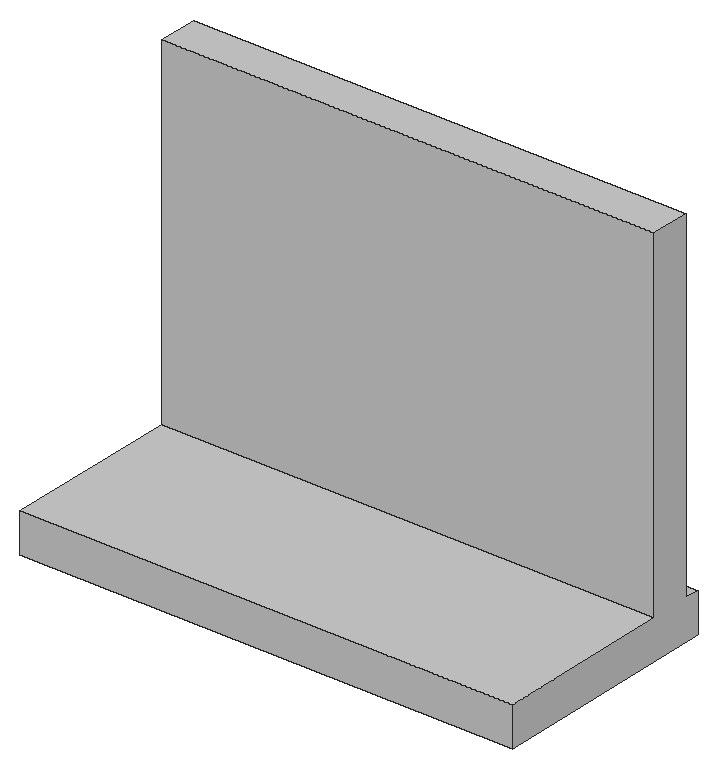
Revit family "Concrete Retaining Wall", category Structural Foundations, Revit 2013
Parameters (values of type "Heel top angle")
  Heel top angle limit = 87.546°
  h up = 150 mm
  Toe = 1800 mm
  Structural Material [instance] = Concrete - Cast-in-Place Concrete
  Stem Thickness = 400 mm
  Stem Height = 3500 mm
  Length [instance] = 5000 mm
  Heel top angle = 5.00°
  Heel = 150 mm
  Cover [instance] = 200 mm
  Base Length = Toe + Stem Thickness + Heel  # 2350 mm
  Base Depth = 400 mm
Types (3, lengths in mm): name | Heel top angle | Cover | Base Length
  Standard | 45.00° | 200 | 2350
  Standard 2 | 45.00° | 300 | 2200
  Heel top angle | 5.00° | 200 | 2350
Reference planes
  plane 1 "Center (Front/Back)": y = 0
  plane 2: z = 0
  plane 3 "Center (Left/Right)": x = 0
  plane 4: y = 200
  plane 5: y = -200
  plane 6: z = -200
  plane 7: z = -600
  plane 8: z = 3300
  plane 9: y = -2000
  plane 10: y = 350
  plane 11: x = 5000
  plane 12: z = 3150
  plane 13: z = 0
  plane 14: through (0, 350, -200) normal (0, 0.0872, 0.9962)
  plane 15: through (0, 350, -200) normal (0, 0.9991, 0.0428)
Forms (mm)
  Sweep 1, solid, material "Concrete - Cast-in-Place Concrete" <- "Structural Material"
    path origin (0, 0, 0) x (1, 0, 0) y (0, 1, 0)
      loop
        line (0, 0) -> (5000, 0)
    profile origin (2500, 0, 0) x (0, 1, 0) y (0, 0, 1)
      loop
        line (200, 3300) -> (-200, 3300) -> (-200, -200) -> (-2000, -200) -> (-2000, -600) -> (350, -600) -> (350, -200) -> (200, -186.877) -> (200, 3300)
Dimensions and locks
  "Stem Thickness": plane 4 to plane 5
  locked: level to plane 2
  "Cover": plane 2 to plane 6
  "Base Depth": plane 6 to plane 7
  "Stem Height": plane 8 to plane 6
  "Toe": plane 5 to plane 9
  "Base Length": plane 10 to plane 9
  "Length": plane 3 "Center (Left/Right)" to plane 11
  "h up": plane 8 to plane 12
  "Heel": Sweep 1 to plane 4
  "Heel top angle": angle plane 6 to plane 14
  "Heel top angle limit": angle plane 6 to plane 15
  aligned and locked: plane 3 "Center (Left/Right)" to Sweep 1 sketch curve
  aligned and locked: plane 11 to Sweep 1 sketch curve
  aligned and locked: plane 1 "Center (Front/Back)" to Sweep 1 sketch curve
  aligned and locked: plane 8 to Sweep 1 sketch curve
  aligned and locked: Sweep 1 sketch curve to plane 5
  aligned and locked: Sweep 1 sketch curve to plane 6
  aligned and locked: Sweep 1 sketch curve to plane 9
  aligned and locked: plane 10 to Sweep 1 sketch curve
  aligned and locked: Sweep 1 sketch curve to plane 7
  aligned and locked: plane 14 to Sweep 1 sketch curve
  aligned and locked: Sweep 1 sketch curve to plane 4
